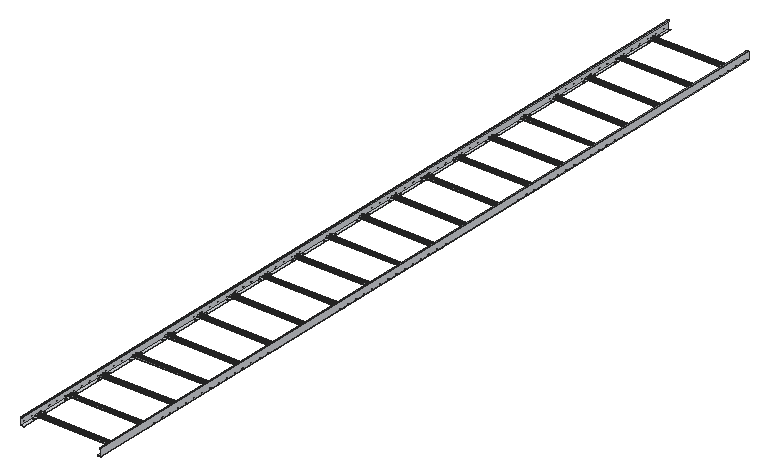
Revit family "Kabelleiter,Sprosse gelocht, geschweißt-LCIS 660 6 FS,FT,A2,A4", category Generic Models, Revit 2017 (continued)
Dimensions and locks
  locked: plane 563 to cut or joined group 1 (Extrusion 1, Extrusion 2, Extrusion 3, Extrusion 4, Extrusion 5, Extrusion 6, Extrusion 7, Extrusion 8, Extrusion 9, Extrusion 10, Extrusion 11, Extrusion 12, Extrusion 13, Extrusion 14, Extrusion 15, Extrusion 16, Extrusion 17, Extrusion 18, Extrusion 19, Extrusion 20, Extrusion 21, Extrusion 22, Extrusion 23, Extrusion 24, Extrusion 25, Extrusion 26, Extrusion 27, Extrusion 28, Extrusion 29, Extrusion 30, Extrusion 31, Extrusion 32, Extrusion 33, Extrusion 34, Extrusion 35, Extrusion 36, Extrusion 37, Extrusion 38, Extrusion 39, Extrusion 40, Extrusion 41, Extrusion 42, Extrusion 43, Extrusion 44, Extrusion 45, Extrusion 46, Extrusion 47, Extrusion 48, Extrusion 49, Extrusion 50, Extrusion 51, Extrusion 52, Extrusion 53, Extrusion 54, Extrusion 55, Extrusion 56, Extrusion 57, Extrusion 58, Extrusion 59, Extrusion 60, Extrusion 61, Extrusion 62, Extrusion 63, Extrusion 64, Extrusion 65, Extrusion 66, Extrusion 67, Extrusion 68, Extrusion 69, Extrusion 70, Extrusion 71, Extrusion 72, Extrusion 73, Extrusion 74, Extrusion 75, Extrusion 76, Extrusion 77, Extrusion 78, Extrusion 79, Extrusion 80, Extrusion 81, Extrusion 82, Extrusion 83, Extrusion 84, Extrusion 85, Extrusion 86, Extrusion 87, Extrusion 88, Extrusion 89, Extrusion 90, Extrusion 91, Extrusion 92, Extrusion 93, Extrusion 94, Extrusion 95, Extrusion 96, Extrusion 97, Extrusion 98, Extrusion 99, Extrusion 100, Extrusion 101, Extrusion 102, Extrusion 103, Extrusion 104, Extrusion 105, Extrusion 106, Extrusion 107, Extrusion 108, Extrusion 109, Extrusion 110, Extrusion 111, Extrusion 112, Extrusion 113, Extrusion 114, Extrusion 115, Extrusion 116, Extrusion 117, Extrusion 118, Extrusion 119, Extrusion 120, Extrusion 121, Extrusion 122, Extrusion 123, Extrusion 124, Extrusion 125, Extrusion 126, Extrusion 127, Extrusion 128, Extrusion 129, Extrusion 130, Extrusion 131, Extrusion 132, Extrusion 133, Extrusion 134, Extrusion 135, Extrusion 136, Extrusion 137, Extrusion 138, Extrusion 139, Extrusion 140, Extrusion 141, Extrusion 142, Extrusion 143, Extrusion 144, Extrusion 145, Extrusion 146, Extrusion 147, Extrusion 148, Extrusion 149, Extrusion 150, Extrusion 151, Extrusion 152, Extrusion 153, Extrusion 154, Extrusion 155, Extrusion 156, Extrusion 157, Extrusion 158, Extrusion 159, Extrusion 160, Extrusion 161, Extrusion 207, Extrusion 208, Extrusion 209, Extrusion 210, Extrusion 211, Extrusion 212, Extrusion 213, Extrusion 214, Extrusion 215, Extrusion 216, Extrusion 217, Extrusion 218, Extrusion 219, Extrusion 220, Extrusion 221, Extrusion 222, Extrusion 223, Extrusion 224, Extrusion 225, Extrusion 226, Extrusion 227, Extrusion 228, Extrusion 229, Extrusion 230, Extrusion 231, Extrusion 232, Extrusion 233, Extrusion 234, Extrusion 235, Extrusion 236, Extrusion 237, Extrusion 238, Extrusion 239, Extrusion 240, Extrusion 241, Extrusion 242, Extrusion 243, Extrusion 244, Extrusion 245, Extrusion 246, Extrusion 247, Extrusion 248, Extrusion 249, Extrusion 250, Extrusion 251, Extrusion 252, Extrusion 253, Extrusion 254, Extrusion 255, Extrusion 256, Extrusion 257, Extrusion 258, Extrusion 259, Extrusion 260, Extrusion 261, Extrusion 262, Extrusion 263, Extrusion 264, Extrusion 265, Extrusion 266, Extrusion 267, Extrusion 268, Extrusion 269, Extrusion 270, Extrusion 271, Extrusion 272, Extrusion 273, Extrusion 274, Extrusion 275, Extrusion 276, Extrusion 277, Extrusion 278, Extrusion 279, Extrusion 280, Extrusion 281, Extrusion 282, Extrusion 283, Extrusion 284, Extrusion 285, Extrusion 286) at 18
  equal spacing: group 225, group 226, group 227, group 228, group 229, group 230, group 231, group 232, group 233, group 234, group 235, group 236, group 237, group 238, group 239, group 240, group 241, group 242, group 243, group 244  (x3)
  plane 565 to cut or joined group 1 = 18 mm
  equal spacing: group 245, group 246, group 247, group 248, group 249, group 250, group 251, group 252, group 253, group 254, group 255, group 256, group 257, group 258, group 259, group 260, group 261, group 262, group 263, group 264  (x3)
  aligned and locked: level to plane 2
  aligned and locked: plane 1 "Center (Front/Back)" to Extrusion 1
  aligned and locked: Extrusion 1 to Extrusion 2  (x2)
  aligned and locked: cut or joined group 1 to cut or joined group 1
  aligned and locked: Extrusion 162 sketch curve to Extrusion 162 sketch curve  (x2)
  aligned and locked: Extrusion 164 sketch curve to Extrusion 164 sketch curve  (x2)
  aligned and locked: Extrusion 165 sketch curve to Extrusion 165 sketch curve  (x2)
  aligned and locked: Extrusion 169 sketch curve to Extrusion 169 sketch curve  (x2)
  aligned and locked: Extrusion 171 sketch curve to Extrusion 171 sketch curve  (x2)
  aligned and locked: Extrusion 173 sketch curve to Extrusion 173 sketch curve  (x2)
  aligned and locked: Extrusion 175 sketch curve to Extrusion 175 sketch curve  (x2)
  aligned and locked: Extrusion 177 sketch curve to Extrusion 177 sketch curve  (x2)
  aligned and locked: Extrusion 179 sketch curve to Extrusion 179 sketch curve  (x2)
  aligned and locked: Extrusion 181 sketch curve to Extrusion 181 sketch curve  (x2)
  aligned and locked: Extrusion 183 sketch curve to Extrusion 183 sketch curve  (x2)
  aligned and locked: Extrusion 185 sketch curve to Extrusion 185 sketch curve  (x2)
  aligned and locked: Extrusion 187 sketch curve to Extrusion 187 sketch curve  (x2)
  aligned and locked: Extrusion 189 sketch curve to Extrusion 189 sketch curve  (x2)
  aligned and locked: Extrusion 191 sketch curve to Extrusion 191 sketch curve  (x2)
  aligned and locked: Extrusion 193 sketch curve to Extrusion 193 sketch curve  (x2)
  aligned and locked: Extrusion 195 sketch curve to Extrusion 195 sketch curve  (x2)
  aligned and locked: Extrusion 197 sketch curve to Extrusion 197 sketch curve  (x2)
  aligned and locked: Extrusion 199 sketch curve to Extrusion 199 sketch curve  (x2)
  aligned and locked: Extrusion 201 sketch curve to Extrusion 201 sketch curve  (x2)
  aligned and locked: Extrusion 203 sketch curve to Extrusion 203 sketch curve  (x2)
  aligned and locked: Extrusion 205 sketch curve to Extrusion 205 sketch curve  (x2)
  aligned and locked: Extrusion 207 to level
  aligned and locked: Extrusion 1 to Extrusion 227
Automatic sketch dimensions
  Extrusion 2 sketch curve to Extrusion 2 sketch curve = 1 mm  (x4)
  Extrusion 3 sketch curve to Extrusion 3 sketch curve = 1 mm  (x4)
  Extrusion 4 sketch curve to Extrusion 4 sketch curve = 1 mm  (x4)
  Extrusion 5 sketch curve to Extrusion 5 sketch curve = 1 mm  (x4)
  Extrusion 6 sketch curve to Extrusion 6 sketch curve = 1 mm  (x4)
  Extrusion 7 sketch curve to Extrusion 7 sketch curve = 1 mm  (x4)
  Extrusion 8 sketch curve to Extrusion 8 sketch curve = 1 mm  (x4)
  Extrusion 9 sketch curve to Extrusion 9 sketch curve = 1 mm  (x4)
  Extrusion 10 sketch curve to Extrusion 10 sketch curve = 1 mm  (x4)
  Extrusion 11 sketch curve to Extrusion 11 sketch curve = 1 mm  (x4)
  Extrusion 12 sketch curve to Extrusion 12 sketch curve = 1 mm  (x4)
  Extrusion 13 sketch curve to Extrusion 13 sketch curve = 1 mm  (x4)
  Extrusion 14 sketch curve to Extrusion 14 sketch curve = 1 mm  (x4)
  Extrusion 15 sketch curve to Extrusion 15 sketch curve = 1 mm  (x4)
  Extrusion 16 sketch curve to Extrusion 16 sketch curve = 1 mm  (x4)
  Extrusion 17 sketch curve to Extrusion 17 sketch curve = 1 mm  (x4)
  Extrusion 18 sketch curve to Extrusion 18 sketch curve = 1 mm  (x4)
  Extrusion 19 sketch curve to Extrusion 19 sketch curve = 1 mm  (x4)
  Extrusion 20 sketch curve to Extrusion 20 sketch curve = 1 mm  (x4)
  Extrusion 21 sketch curve to Extrusion 21 sketch curve = 1 mm  (x4)
  Extrusion 22 sketch curve to Extrusion 22 sketch curve = 1 mm  (x4)
  Extrusion 23 sketch curve to Extrusion 23 sketch curve = 1 mm  (x4)
  Extrusion 24 sketch curve to Extrusion 24 sketch curve = 1 mm  (x4)
  Extrusion 25 sketch curve to Extrusion 25 sketch curve = 1 mm  (x4)
  Extrusion 26 sketch curve to Extrusion 26 sketch curve = 1 mm  (x4)
  Extrusion 27 sketch curve to Extrusion 27 sketch curve = 1 mm  (x4)
  Extrusion 28 sketch curve to Extrusion 28 sketch curve = 1 mm  (x4)
  Extrusion 29 sketch curve to Extrusion 29 sketch curve = 1 mm  (x4)
  Extrusion 30 sketch curve to Extrusion 30 sketch curve = 1 mm  (x4)
  Extrusion 31 sketch curve to Extrusion 31 sketch curve = 1 mm  (x4)
  Extrusion 32 sketch curve to Extrusion 32 sketch curve = 1 mm  (x4)
  Extrusion 33 sketch curve to Extrusion 33 sketch curve = 1 mm  (x4)
  Extrusion 34 sketch curve to Extrusion 34 sketch curve = 1 mm  (x4)
  Extrusion 35 sketch curve to Extrusion 35 sketch curve = 1 mm  (x4)
  Extrusion 36 sketch curve to Extrusion 36 sketch curve = 1 mm  (x4)
  Extrusion 37 sketch curve to Extrusion 37 sketch curve = 1 mm  (x4)
  Extrusion 38 sketch curve to Extrusion 38 sketch curve = 1 mm  (x4)
  Extrusion 39 sketch curve to Extrusion 39 sketch curve = 1 mm  (x4)
  Extrusion 40 sketch curve to Extrusion 40 sketch curve = 1 mm  (x4)
  Extrusion 41 sketch curve to Extrusion 41 sketch curve = 1 mm  (x4)
  Extrusion 42 sketch curve to Extrusion 42 sketch curve = 1 mm  (x4)
  Extrusion 43 sketch curve to Extrusion 43 sketch curve = 1 mm  (x4)
  Extrusion 44 sketch curve to Extrusion 44 sketch curve = 1 mm  (x4)
  Extrusion 45 sketch curve to Extrusion 45 sketch curve = 1 mm  (x4)
  Extrusion 46 sketch curve to Extrusion 46 sketch curve = 1 mm  (x4)
  Extrusion 47 sketch curve to Extrusion 47 sketch curve = 1 mm  (x4)
  Extrusion 48 sketch curve to Extrusion 48 sketch curve = 1 mm  (x4)
  Extrusion 49 sketch curve to Extrusion 49 sketch curve = 1 mm  (x4)
  Extrusion 50 sketch curve to Extrusion 50 sketch curve = 1 mm  (x4)
  Extrusion 51 sketch curve to Extrusion 51 sketch curve = 1 mm  (x4)
  Extrusion 52 sketch curve to Extrusion 52 sketch curve = 1 mm  (x4)
  Extrusion 53 sketch curve to Extrusion 53 sketch curve = 1 mm  (x4)
  Extrusion 54 sketch curve to Extrusion 54 sketch curve = 1 mm  (x4)
  Extrusion 55 sketch curve to Extrusion 55 sketch curve = 1 mm  (x4)
  Extrusion 56 sketch curve to Extrusion 56 sketch curve = 1 mm  (x4)
  Extrusion 57 sketch curve to Extrusion 57 sketch curve = 1 mm  (x4)
  Extrusion 58 sketch curve to Extrusion 58 sketch curve = 1 mm  (x4)
  Extrusion 59 sketch curve to Extrusion 59 sketch curve = 1 mm  (x4)
  Extrusion 60 sketch curve to Extrusion 60 sketch curve = 1 mm  (x4)
  Extrusion 61 sketch curve to Extrusion 61 sketch curve = 1 mm  (x4)
  Extrusion 62 sketch curve to Extrusion 62 sketch curve = 1 mm  (x4)
  Extrusion 63 sketch curve to Extrusion 63 sketch curve = 1 mm  (x4)
  Extrusion 64 sketch curve to Extrusion 64 sketch curve = 1 mm  (x4)
  Extrusion 65 sketch curve to Extrusion 65 sketch curve = 1 mm  (x4)
  Extrusion 66 sketch curve to Extrusion 66 sketch curve = 1 mm  (x4)
  Extrusion 67 sketch curve to Extrusion 67 sketch curve = 1 mm  (x4)
  Extrusion 68 sketch curve to Extrusion 68 sketch curve = 1 mm  (x4)
  Extrusion 69 sketch curve to Extrusion 69 sketch curve = 1 mm  (x4)
  Extrusion 70 sketch curve to Extrusion 70 sketch curve = 1 mm  (x4)
  Extrusion 71 sketch curve to Extrusion 71 sketch curve = 1 mm  (x4)
  Extrusion 72 sketch curve to Extrusion 72 sketch curve = 1 mm  (x4)
  Extrusion 73 sketch curve to Extrusion 73 sketch curve = 1 mm  (x4)
  Extrusion 74 sketch curve to Extrusion 74 sketch curve = 1 mm  (x4)
  Extrusion 75 sketch curve to Extrusion 75 sketch curve = 1 mm  (x4)
  Extrusion 76 sketch curve to Extrusion 76 sketch curve = 1 mm  (x4)
  Extrusion 77 sketch curve to Extrusion 77 sketch curve = 1 mm  (x4)
  Extrusion 78 sketch curve to Extrusion 78 sketch curve = 1 mm  (x4)
  Extrusion 79 sketch curve to Extrusion 79 sketch curve = 1 mm  (x4)
  Extrusion 80 sketch curve to Extrusion 80 sketch curve = 1 mm  (x4)
  Extrusion 81 sketch curve to Extrusion 81 sketch curve = 1 mm  (x4)
  Extrusion 82 sketch curve to Extrusion 82 sketch curve = 1 mm  (x4)
  Extrusion 2 sketch curve to plane 9 = 3.5 mm
  Extrusion 2 sketch curve to plane 7 = 14 mm
  Extrusion 83 sketch curve to Extrusion 83 sketch curve = 1 mm  (x4)
  Extrusion 84 sketch curve to Extrusion 84 sketch curve = 1 mm  (x4)
  Extrusion 85 sketch curve to Extrusion 85 sketch curve = 1 mm  (x4)
  Extrusion 86 sketch curve to Extrusion 86 sketch curve = 1 mm  (x4)
  Extrusion 87 sketch curve to Extrusion 87 sketch curve = 1 mm  (x4)
  Extrusion 88 sketch curve to Extrusion 88 sketch curve = 1 mm  (x4)
  Extrusion 89 sketch curve to Extrusion 89 sketch curve = 1 mm  (x4)
  Extrusion 90 sketch curve to Extrusion 90 sketch curve = 1 mm  (x4)
  Extrusion 91 sketch curve to Extrusion 91 sketch curve = 1 mm  (x4)
  Extrusion 92 sketch curve to Extrusion 92 sketch curve = 1 mm  (x4)
  Extrusion 93 sketch curve to Extrusion 93 sketch curve = 1 mm  (x4)
  Extrusion 94 sketch curve to Extrusion 94 sketch curve = 1 mm  (x4)
  Extrusion 95 sketch curve to Extrusion 95 sketch curve = 1 mm  (x4)
  Extrusion 96 sketch curve to Extrusion 96 sketch curve = 1 mm  (x4)
  Extrusion 97 sketch curve to Extrusion 97 sketch curve = 1 mm  (x4)
  Extrusion 98 sketch curve to Extrusion 98 sketch curve = 1 mm  (x4)
  Extrusion 99 sketch curve to Extrusion 99 sketch curve = 1 mm  (x4)
  Extrusion 100 sketch curve to Extrusion 100 sketch curve = 1 mm  (x4)
  Extrusion 101 sketch curve to Extrusion 101 sketch curve = 1 mm  (x4)
  Extrusion 102 sketch curve to Extrusion 102 sketch curve = 1 mm  (x4)
  Extrusion 103 sketch curve to Extrusion 103 sketch curve = 1 mm  (x4)
  Extrusion 104 sketch curve to Extrusion 104 sketch curve = 1 mm  (x4)
  Extrusion 105 sketch curve to Extrusion 105 sketch curve = 1 mm  (x4)
  Extrusion 106 sketch curve to Extrusion 106 sketch curve = 1 mm  (x4)
  Extrusion 107 sketch curve to Extrusion 107 sketch curve = 1 mm  (x4)
  Extrusion 108 sketch curve to Extrusion 108 sketch curve = 1 mm  (x4)
  Extrusion 109 sketch curve to Extrusion 109 sketch curve = 1 mm  (x4)
  Extrusion 110 sketch curve to Extrusion 110 sketch curve = 1 mm  (x4)
  Extrusion 111 sketch curve to Extrusion 111 sketch curve = 1 mm  (x4)
  Extrusion 112 sketch curve to Extrusion 112 sketch curve = 1 mm  (x4)
  Extrusion 113 sketch curve to Extrusion 113 sketch curve = 1 mm  (x4)
  Extrusion 114 sketch curve to Extrusion 114 sketch curve = 1 mm  (x4)
  Extrusion 115 sketch curve to Extrusion 115 sketch curve = 1 mm  (x4)
  Extrusion 116 sketch curve to Extrusion 116 sketch curve = 1 mm  (x4)
  Extrusion 117 sketch curve to Extrusion 117 sketch curve = 1 mm  (x4)
  Extrusion 118 sketch curve to Extrusion 118 sketch curve = 1 mm  (x4)
  Extrusion 119 sketch curve to Extrusion 119 sketch curve = 1 mm  (x4)
  Extrusion 120 sketch curve to Extrusion 120 sketch curve = 1 mm  (x4)
  Extrusion 121 sketch curve to Extrusion 121 sketch curve = 1 mm  (x4)
  Extrusion 122 sketch curve to Extrusion 122 sketch curve = 1 mm  (x4)
  Extrusion 123 sketch curve to Extrusion 123 sketch curve = 1 mm  (x4)
  Extrusion 124 sketch curve to Extrusion 124 sketch curve = 1 mm  (x4)
  Extrusion 125 sketch curve to Extrusion 125 sketch curve = 1 mm  (x4)
  Extrusion 126 sketch curve to Extrusion 126 sketch curve = 1 mm  (x4)
  Extrusion 127 sketch curve to Extrusion 127 sketch curve = 1 mm  (x4)
  Extrusion 128 sketch curve to Extrusion 128 sketch curve = 1 mm  (x4)
  Extrusion 129 sketch curve to Extrusion 129 sketch curve = 1 mm  (x4)
  Extrusion 130 sketch curve to Extrusion 130 sketch curve = 1 mm  (x4)
  Extrusion 131 sketch curve to Extrusion 131 sketch curve = 1 mm  (x4)
  Extrusion 132 sketch curve to Extrusion 132 sketch curve = 1 mm  (x4)
  Extrusion 133 sketch curve to Extrusion 133 sketch curve = 1 mm  (x4)
  Extrusion 134 sketch curve to Extrusion 134 sketch curve = 1 mm  (x4)
  Extrusion 135 sketch curve to Extrusion 135 sketch curve = 1 mm  (x4)
  Extrusion 136 sketch curve to Extrusion 136 sketch curve = 1 mm  (x4)
  Extrusion 137 sketch curve to Extrusion 137 sketch curve = 1 mm  (x4)
  Extrusion 138 sketch curve to Extrusion 138 sketch curve = 1 mm  (x4)
  Extrusion 139 sketch curve to Extrusion 139 sketch curve = 1 mm  (x4)
  Extrusion 140 sketch curve to Extrusion 140 sketch curve = 1 mm  (x4)
  Extrusion 141 sketch curve to Extrusion 141 sketch curve = 1 mm  (x4)
  Extrusion 142 sketch curve to Extrusion 142 sketch curve = 1 mm  (x4)
  Extrusion 143 sketch curve to Extrusion 143 sketch curve = 1 mm  (x4)
  Extrusion 144 sketch curve to Extrusion 144 sketch curve = 1 mm  (x4)
  Extrusion 145 sketch curve to Extrusion 145 sketch curve = 1 mm  (x4)
  Extrusion 146 sketch curve to Extrusion 146 sketch curve = 1 mm  (x4)
  Extrusion 147 sketch curve to Extrusion 147 sketch curve = 1 mm  (x4)
  Extrusion 148 sketch curve to Extrusion 148 sketch curve = 1 mm  (x4)
  Extrusion 149 sketch curve to Extrusion 149 sketch curve = 1 mm  (x4)
  Extrusion 150 sketch curve to Extrusion 150 sketch curve = 1 mm  (x4)
  Extrusion 151 sketch curve to Extrusion 151 sketch curve = 1 mm  (x4)
  Extrusion 152 sketch curve to Extrusion 152 sketch curve = 1 mm  (x4)
  Extrusion 153 sketch curve to Extrusion 153 sketch curve = 1 mm  (x4)
  Extrusion 154 sketch curve to Extrusion 154 sketch curve = 1 mm  (x4)
  Extrusion 155 sketch curve to Extrusion 155 sketch curve = 1 mm  (x4)
  Extrusion 156 sketch curve to Extrusion 156 sketch curve = 1 mm  (x4)
  Extrusion 157 sketch curve to Extrusion 157 sketch curve = 1 mm  (x4)
  Extrusion 158 sketch curve to Extrusion 158 sketch curve = 1 mm  (x4)
  Extrusion 159 sketch curve to Extrusion 159 sketch curve = 1 mm  (x4)
  Extrusion 160 sketch curve to Extrusion 160 sketch curve = 1 mm  (x4)
  Extrusion 161 sketch curve to Extrusion 161 sketch curve = 1 mm  (x4)
  Extrusion 162 sketch curve to Extrusion 162 sketch curve = 1.5 mm  (x5)
  Extrusion 162 sketch curve to Extrusion 162 sketch curve = 0.2 mm  (x7)
  Extrusion 162 sketch curve to Extrusion 162 sketch curve = 0 mm
  Extrusion 162 sketch curve to Extrusion 162 sketch curve = 6.015 mm
  Extrusion 162 sketch curve to Extrusion 162 sketch curve = 6.732 mm
  Extrusion 162 sketch curve to Extrusion 162 sketch curve = 6.57 mm
  Extrusion 163 sketch curve to plane 15 = 1.5 mm
  Extrusion 164 sketch curve to Extrusion 164 sketch curve = 1.5 mm  (x5)
  Extrusion 164 sketch curve to Extrusion 164 sketch curve = 0.2 mm  (x7)
  Extrusion 164 sketch curve to Extrusion 164 sketch curve = 0 mm
  Extrusion 164 sketch curve to Extrusion 164 sketch curve = 6.015 mm
  Extrusion 164 sketch curve to Extrusion 164 sketch curve = 6.732 mm
  Extrusion 164 sketch curve to Extrusion 164 sketch curve = 6.57 mm
  Extrusion 165 sketch curve to Extrusion 165 sketch curve = 1.5 mm  (x5)
  Extrusion 165 sketch curve to Extrusion 165 sketch curve = 0.2 mm  (x7)
  Extrusion 165 sketch curve to Extrusion 165 sketch curve = 0 mm
  Extrusion 165 sketch curve to Extrusion 165 sketch curve = 6.015 mm
  Extrusion 165 sketch curve to Extrusion 165 sketch curve = 6.732 mm
  Extrusion 165 sketch curve to Extrusion 165 sketch curve = 6.57 mm
  Extrusion 166 sketch curve to plane 16 = 1.5 mm
  Extrusion 167 sketch curve to plane 17 = 1.5 mm
  Extrusion 168 sketch curve to plane 38 = 0 mm
  Extrusion 168 sketch curve to Extrusion 168 sketch curve = 0.5 mm  (x96)
  Extrusion 168 sketch curve to Extrusion 168 sketch curve = 0.529 mm
  Extrusion 168 sketch curve to plane 20 = 3.467 mm
  Extrusion 168 sketch curve to plane 21 = 5.5 mm
  Extrusion 168 sketch curve to plane 22 = 3.5 mm
  Extrusion 168 sketch curve to plane 23 = 5.5 mm
  Extrusion 168 sketch curve to plane 24 = 5.5 mm
  Extrusion 168 sketch curve to plane 25 = 3.479 mm
  Extrusion 168 sketch curve to plane 26 = 5.5 mm
  Extrusion 168 sketch curve to plane 27 = 3.5 mm
  Extrusion 168 sketch curve to plane 28 = 5.5 mm
  Extrusion 168 sketch curve to plane 29 = 5.5 mm
  Extrusion 168 sketch curve to plane 30 = 3.5 mm
  Extrusion 168 sketch curve to plane 31 = 3.48 mm
  Extrusion 168 sketch curve to plane 32 = 5.5 mm
  plane 32 to Extrusion 168 sketch curve = 5 mm  (x2)
  Extrusion 168 sketch curve to plane 33 = 5.5 mm
  Extrusion 168 sketch curve to plane 34 = 3.5 mm
  Extrusion 168 sketch curve to plane 35 = 5.5 mm
  Extrusion 168 sketch curve to plane 36 = 3.5 mm
  Extrusion 168 sketch curve to plane 37 = 5.5 mm
  Extrusion 168 sketch curve to Extrusion 168 sketch curve = 0.53 mm
  Extrusion 168 sketch curve to plane 44 = 5.5 mm
  Extrusion 168 sketch curve to plane 43 = 3.5 mm
  Extrusion 168 sketch curve to plane 42 = 5.5 mm
  Extrusion 168 sketch curve to plane 41 = 3.5 mm
  Extrusion 168 sketch curve to Extrusion 168 sketch curve = 0.513 mm
  Extrusion 168 sketch curve to plane 40 = 5.5 mm
  Extrusion 168 sketch curve to plane 18 = 7.96 mm  (x24)
  Extrusion 168 sketch curve to plane 18 = 1.5 mm
  plane 18 to Extrusion 168 sketch curve = 1.5 mm
  plane 18 to Extrusion 168 sketch curve = 7.5 mm  (x24)
  plane 19 to Extrusion 168 sketch curve = 4.5 mm
  Extrusion 168 sketch curve to Extrusion 168 sketch curve = 11 mm
  Extrusion 169 sketch curve to Extrusion 169 sketch curve = 1.5 mm  (x5)
  Extrusion 169 sketch curve to Extrusion 169 sketch curve = 0.2 mm  (x7)
  Extrusion 169 sketch curve to Extrusion 169 sketch curve = 0 mm
  Extrusion 169 sketch curve to Extrusion 169 sketch curve = 6.015 mm
  Extrusion 169 sketch curve to Extrusion 169 sketch curve = 6.732 mm
  Extrusion 169 sketch curve to Extrusion 169 sketch curve = 6.57 mm
  Extrusion 170 sketch curve to plane 65 = 0 mm
  Extrusion 170 sketch curve to Extrusion 170 sketch curve = 0.5 mm  (x96)
  Extrusion 170 sketch curve to Extrusion 170 sketch curve = 0.529 mm
  Extrusion 170 sketch curve to plane 47 = 3.467 mm
  Extrusion 170 sketch curve to plane 48 = 5.5 mm
  Extrusion 170 sketch curve to plane 49 = 3.5 mm
  Extrusion 170 sketch curve to plane 50 = 5.5 mm
  Extrusion 170 sketch curve to plane 51 = 5.5 mm
  Extrusion 170 sketch curve to plane 52 = 3.479 mm
  Extrusion 170 sketch curve to plane 53 = 5.5 mm
  Extrusion 170 sketch curve to plane 54 = 3.5 mm
  Extrusion 170 sketch curve to plane 55 = 5.5 mm
  Extrusion 170 sketch curve to plane 56 = 5.5 mm
  Extrusion 170 sketch curve to plane 57 = 3.5 mm
  Extrusion 170 sketch curve to plane 58 = 3.48 mm
  Extrusion 170 sketch curve to plane 59 = 5.5 mm
  plane 59 to Extrusion 170 sketch curve = 5 mm  (x2)
  Extrusion 170 sketch curve to plane 60 = 5.5 mm
  Extrusion 170 sketch curve to plane 61 = 3.5 mm
  Extrusion 170 sketch curve to plane 62 = 5.5 mm
  Extrusion 170 sketch curve to plane 63 = 3.5 mm
  Extrusion 170 sketch curve to plane 64 = 5.5 mm
  Extrusion 170 sketch curve to Extrusion 170 sketch curve = 0.53 mm
  Extrusion 170 sketch curve to plane 71 = 5.5 mm
  Extrusion 170 sketch curve to plane 70 = 3.5 mm
  Extrusion 170 sketch curve to plane 69 = 5.5 mm
  Extrusion 170 sketch curve to plane 68 = 3.5 mm
  Extrusion 170 sketch curve to Extrusion 170 sketch curve = 0.513 mm
  Extrusion 170 sketch curve to plane 67 = 5.5 mm
  Extrusion 170 sketch curve to plane 45 = 7.96 mm  (x24)
  Extrusion 170 sketch curve to plane 45 = 1.5 mm
  plane 45 to Extrusion 170 sketch curve = 1.5 mm
  plane 45 to Extrusion 170 sketch curve = 7.5 mm  (x24)
  plane 46 to Extrusion 170 sketch curve = 4.5 mm
  Extrusion 170 sketch curve to Extrusion 170 sketch curve = 11 mm
  Extrusion 171 sketch curve to Extrusion 171 sketch curve = 1.5 mm  (x5)
  Extrusion 171 sketch curve to Extrusion 171 sketch curve = 0.2 mm  (x7)
  Extrusion 171 sketch curve to Extrusion 171 sketch curve = 0 mm
  Extrusion 171 sketch curve to Extrusion 171 sketch curve = 6.015 mm
  Extrusion 171 sketch curve to Extrusion 171 sketch curve = 6.732 mm
  Extrusion 171 sketch curve to Extrusion 171 sketch curve = 6.57 mm
  Extrusion 172 sketch curve to plane 92 = 0 mm
  Extrusion 172 sketch curve to Extrusion 172 sketch curve = 0.5 mm  (x96)
  Extrusion 172 sketch curve to Extrusion 172 sketch curve = 0.529 mm
  Extrusion 172 sketch curve to plane 74 = 3.467 mm
  Extrusion 172 sketch curve to plane 75 = 5.5 mm
  Extrusion 172 sketch curve to plane 76 = 3.5 mm
  Extrusion 172 sketch curve to plane 77 = 5.5 mm
  Extrusion 172 sketch curve to plane 78 = 5.5 mm
  Extrusion 172 sketch curve to plane 79 = 3.479 mm
  Extrusion 172 sketch curve to plane 80 = 5.5 mm
  Extrusion 172 sketch curve to plane 81 = 3.5 mm
  Extrusion 172 sketch curve to plane 82 = 5.5 mm
  Extrusion 172 sketch curve to plane 83 = 5.5 mm
  Extrusion 172 sketch curve to plane 84 = 3.5 mm
  Extrusion 172 sketch curve to plane 85 = 3.48 mm
  Extrusion 172 sketch curve to plane 86 = 5.5 mm
  plane 86 to Extrusion 172 sketch curve = 5 mm  (x2)
  Extrusion 172 sketch curve to plane 87 = 5.5 mm
  Extrusion 172 sketch curve to plane 88 = 3.5 mm
  Extrusion 172 sketch curve to plane 89 = 5.5 mm
  Extrusion 172 sketch curve to plane 90 = 3.5 mm
  Extrusion 172 sketch curve to plane 91 = 5.5 mm
  Extrusion 172 sketch curve to Extrusion 172 sketch curve = 0.53 mm
  Extrusion 172 sketch curve to plane 98 = 5.5 mm
  Extrusion 172 sketch curve to plane 97 = 3.5 mm
  Extrusion 172 sketch curve to plane 96 = 5.5 mm
  Extrusion 172 sketch curve to plane 95 = 3.5 mm
  Extrusion 172 sketch curve to Extrusion 172 sketch curve = 0.513 mm
  Extrusion 172 sketch curve to plane 94 = 5.5 mm
  Extrusion 172 sketch curve to plane 72 = 7.96 mm  (x24)
  Extrusion 172 sketch curve to plane 72 = 1.5 mm
  plane 72 to Extrusion 172 sketch curve = 1.5 mm
  plane 72 to Extrusion 172 sketch curve = 7.5 mm  (x24)
  plane 73 to Extrusion 172 sketch curve = 4.5 mm
  Extrusion 172 sketch curve to Extrusion 172 sketch curve = 11 mm
  Extrusion 173 sketch curve to Extrusion 173 sketch curve = 1.5 mm  (x5)
  Extrusion 173 sketch curve to Extrusion 173 sketch curve = 0.2 mm  (x7)
  Extrusion 173 sketch curve to Extrusion 173 sketch curve = 0 mm
  Extrusion 173 sketch curve to Extrusion 173 sketch curve = 6.015 mm
  Extrusion 173 sketch curve to Extrusion 173 sketch curve = 6.732 mm
  Extrusion 173 sketch curve to Extrusion 173 sketch curve = 6.57 mm
  Extrusion 174 sketch curve to plane 119 = 0 mm
  Extrusion 174 sketch curve to Extrusion 174 sketch curve = 0.5 mm  (x96)
  Extrusion 174 sketch curve to Extrusion 174 sketch curve = 0.529 mm
  Extrusion 174 sketch curve to plane 101 = 3.467 mm
  Extrusion 174 sketch curve to plane 102 = 5.5 mm
  Extrusion 174 sketch curve to plane 103 = 3.5 mm
  Extrusion 174 sketch curve to plane 104 = 5.5 mm
  Extrusion 174 sketch curve to plane 105 = 5.5 mm
  Extrusion 174 sketch curve to plane 106 = 3.479 mm
  Extrusion 174 sketch curve to plane 107 = 5.5 mm
  Extrusion 174 sketch curve to plane 108 = 3.5 mm
  Extrusion 174 sketch curve to plane 109 = 5.5 mm
  Extrusion 174 sketch curve to plane 110 = 5.5 mm
  Extrusion 174 sketch curve to plane 111 = 3.5 mm
  Extrusion 174 sketch curve to plane 112 = 3.48 mm
  Extrusion 174 sketch curve to plane 113 = 5.5 mm
  plane 113 to Extrusion 174 sketch curve = 5 mm  (x2)
  Extrusion 174 sketch curve to plane 114 = 5.5 mm
  Extrusion 174 sketch curve to plane 115 = 3.5 mm
  Extrusion 174 sketch curve to plane 116 = 5.5 mm
  Extrusion 174 sketch curve to plane 117 = 3.5 mm
  Extrusion 174 sketch curve to plane 118 = 5.5 mm
  Extrusion 174 sketch curve to Extrusion 174 sketch curve = 0.53 mm
  Extrusion 174 sketch curve to plane 125 = 5.5 mm
  Extrusion 174 sketch curve to plane 124 = 3.5 mm
  Extrusion 174 sketch curve to plane 123 = 5.5 mm
  Extrusion 174 sketch curve to plane 122 = 3.5 mm
  Extrusion 174 sketch curve to Extrusion 174 sketch curve = 0.513 mm
  Extrusion 174 sketch curve to plane 121 = 5.5 mm
  Extrusion 174 sketch curve to plane 99 = 7.96 mm  (x24)
  Extrusion 174 sketch curve to plane 99 = 1.5 mm
  plane 99 to Extrusion 174 sketch curve = 1.5 mm
  plane 99 to Extrusion 174 sketch curve = 7.5 mm  (x24)
  plane 100 to Extrusion 174 sketch curve = 4.5 mm
  Extrusion 174 sketch curve to Extrusion 174 sketch curve = 11 mm
  Extrusion 175 sketch curve to Extrusion 175 sketch curve = 1.5 mm  (x5)
  Extrusion 175 sketch curve to Extrusion 175 sketch curve = 0.2 mm  (x7)
  Extrusion 175 sketch curve to Extrusion 175 sketch curve = 0 mm
  Extrusion 175 sketch curve to Extrusion 175 sketch curve = 6.015 mm
  Extrusion 175 sketch curve to Extrusion 175 sketch curve = 6.732 mm
  Extrusion 175 sketch curve to Extrusion 175 sketch curve = 6.57 mm
  Extrusion 176 sketch curve to plane 146 = 0 mm
  Extrusion 176 sketch curve to Extrusion 176 sketch curve = 0.5 mm  (x96)
  Extrusion 176 sketch curve to Extrusion 176 sketch curve = 0.529 mm
  Extrusion 176 sketch curve to plane 128 = 3.467 mm
  Extrusion 176 sketch curve to plane 129 = 5.5 mm
  Extrusion 176 sketch curve to plane 130 = 3.5 mm
  Extrusion 176 sketch curve to plane 131 = 5.5 mm
  Extrusion 176 sketch curve to plane 132 = 5.5 mm
  Extrusion 176 sketch curve to plane 133 = 3.479 mm
  Extrusion 176 sketch curve to plane 134 = 5.5 mm
  Extrusion 176 sketch curve to plane 135 = 3.5 mm
  Extrusion 176 sketch curve to plane 136 = 5.5 mm
  Extrusion 176 sketch curve to plane 137 = 5.5 mm
  Extrusion 176 sketch curve to plane 138 = 3.5 mm
  Extrusion 176 sketch curve to plane 139 = 3.48 mm
  Extrusion 176 sketch curve to plane 140 = 5.5 mm
  plane 140 to Extrusion 176 sketch curve = 5 mm  (x2)
  Extrusion 176 sketch curve to plane 141 = 5.5 mm
  Extrusion 176 sketch curve to plane 142 = 3.5 mm
  Extrusion 176 sketch curve to plane 143 = 5.5 mm
  Extrusion 176 sketch curve to plane 144 = 3.5 mm
  Extrusion 176 sketch curve to plane 145 = 5.5 mm
  Extrusion 176 sketch curve to Extrusion 176 sketch curve = 0.53 mm
  Extrusion 176 sketch curve to plane 152 = 5.5 mm
  Extrusion 176 sketch curve to plane 151 = 3.5 mm
  Extrusion 176 sketch curve to plane 150 = 5.5 mm
  Extrusion 176 sketch curve to plane 149 = 3.5 mm
  Extrusion 176 sketch curve to Extrusion 176 sketch curve = 0.513 mm
  Extrusion 176 sketch curve to plane 148 = 5.5 mm
  Extrusion 176 sketch curve to plane 126 = 7.96 mm  (x24)
  Extrusion 176 sketch curve to plane 126 = 1.5 mm
  plane 126 to Extrusion 176 sketch curve = 1.5 mm
  plane 126 to Extrusion 176 sketch curve = 7.5 mm  (x24)
  plane 127 to Extrusion 176 sketch curve = 4.5 mm
  Extrusion 176 sketch curve to Extrusion 176 sketch curve = 11 mm
  Extrusion 177 sketch curve to Extrusion 177 sketch curve = 1.5 mm  (x5)
  Extrusion 177 sketch curve to Extrusion 177 sketch curve = 0.2 mm  (x7)
  Extrusion 177 sketch curve to Extrusion 177 sketch curve = 0 mm
  Extrusion 177 sketch curve to Extrusion 177 sketch curve = 6.015 mm
  Extrusion 177 sketch curve to Extrusion 177 sketch curve = 6.732 mm
  Extrusion 177 sketch curve to Extrusion 177 sketch curve = 6.57 mm
  Extrusion 178 sketch curve to plane 173 = 0 mm
  Extrusion 178 sketch curve to Extrusion 178 sketch curve = 0.5 mm  (x96)
  Extrusion 178 sketch curve to Extrusion 178 sketch curve = 0.529 mm
  Extrusion 178 sketch curve to plane 155 = 3.467 mm
  Extrusion 178 sketch curve to plane 156 = 5.5 mm
  Extrusion 178 sketch curve to plane 157 = 3.5 mm
  Extrusion 178 sketch curve to plane 158 = 5.5 mm
  Extrusion 178 sketch curve to plane 159 = 5.5 mm
  Extrusion 178 sketch curve to plane 160 = 3.479 mm
  Extrusion 178 sketch curve to plane 161 = 5.5 mm
  Extrusion 178 sketch curve to plane 162 = 3.5 mm
  Extrusion 178 sketch curve to plane 163 = 5.5 mm
  Extrusion 178 sketch curve to plane 164 = 5.5 mm
  Extrusion 178 sketch curve to plane 165 = 3.5 mm
  Extrusion 178 sketch curve to plane 166 = 3.48 mm
  Extrusion 178 sketch curve to plane 167 = 5.5 mm
  plane 167 to Extrusion 178 sketch curve = 5 mm  (x2)
  Extrusion 178 sketch curve to plane 168 = 5.5 mm
  Extrusion 178 sketch curve to plane 169 = 3.5 mm
  Extrusion 178 sketch curve to plane 170 = 5.5 mm
  Extrusion 178 sketch curve to plane 171 = 3.5 mm
  Extrusion 178 sketch curve to plane 172 = 5.5 mm
  Extrusion 178 sketch curve to Extrusion 178 sketch curve = 0.53 mm
  Extrusion 178 sketch curve to plane 179 = 5.5 mm
  Extrusion 178 sketch curve to plane 178 = 3.5 mm
  Extrusion 178 sketch curve to plane 177 = 5.5 mm
  Extrusion 178 sketch curve to plane 176 = 3.5 mm
  Extrusion 178 sketch curve to Extrusion 178 sketch curve = 0.513 mm
  Extrusion 178 sketch curve to plane 175 = 5.5 mm
  Extrusion 178 sketch curve to plane 153 = 7.96 mm  (x24)
  Extrusion 178 sketch curve to plane 153 = 1.5 mm
  plane 153 to Extrusion 178 sketch curve = 1.5 mm
  plane 153 to Extrusion 178 sketch curve = 7.5 mm  (x24)
  plane 154 to Extrusion 178 sketch curve = 4.5 mm
  Extrusion 178 sketch curve to Extrusion 178 sketch curve = 11 mm
  Extrusion 179 sketch curve to Extrusion 179 sketch curve = 1.5 mm  (x5)
  Extrusion 179 sketch curve to Extrusion 179 sketch curve = 0.2 mm  (x7)
  Extrusion 179 sketch curve to Extrusion 179 sketch curve = 0 mm
  Extrusion 179 sketch curve to Extrusion 179 sketch curve = 6.015 mm
  Extrusion 179 sketch curve to Extrusion 179 sketch curve = 6.732 mm
  Extrusion 179 sketch curve to Extrusion 179 sketch curve = 6.57 mm
  Extrusion 180 sketch curve to plane 200 = 0 mm
  Extrusion 180 sketch curve to Extrusion 180 sketch curve = 0.5 mm  (x96)
  Extrusion 180 sketch curve to Extrusion 180 sketch curve = 0.529 mm
  Extrusion 180 sketch curve to plane 182 = 3.467 mm
  Extrusion 180 sketch curve to plane 183 = 5.5 mm
  Extrusion 180 sketch curve to plane 184 = 3.5 mm
  Extrusion 180 sketch curve to plane 185 = 5.5 mm
  Extrusion 180 sketch curve to plane 186 = 5.5 mm
  Extrusion 180 sketch curve to plane 187 = 3.479 mm
  Extrusion 180 sketch curve to plane 188 = 5.5 mm
  Extrusion 180 sketch curve to plane 189 = 3.5 mm
  Extrusion 180 sketch curve to plane 190 = 5.5 mm
  Extrusion 180 sketch curve to plane 191 = 5.5 mm
  Extrusion 180 sketch curve to plane 192 = 3.5 mm
  Extrusion 180 sketch curve to plane 193 = 3.48 mm
  Extrusion 180 sketch curve to plane 194 = 5.5 mm
  plane 194 to Extrusion 180 sketch curve = 5 mm  (x2)
  Extrusion 180 sketch curve to plane 195 = 5.5 mm
  Extrusion 180 sketch curve to plane 196 = 3.5 mm
  Extrusion 180 sketch curve to plane 197 = 5.5 mm
  Extrusion 180 sketch curve to plane 198 = 3.5 mm
  Extrusion 180 sketch curve to plane 199 = 5.5 mm
  Extrusion 180 sketch curve to Extrusion 180 sketch curve = 0.53 mm
  Extrusion 180 sketch curve to plane 206 = 5.5 mm
  Extrusion 180 sketch curve to plane 205 = 3.5 mm
  Extrusion 180 sketch curve to plane 204 = 5.5 mm
  Extrusion 180 sketch curve to plane 203 = 3.5 mm
  Extrusion 180 sketch curve to Extrusion 180 sketch curve = 0.513 mm
  Extrusion 180 sketch curve to plane 202 = 5.5 mm
  Extrusion 180 sketch curve to plane 180 = 7.96 mm  (x24)
  Extrusion 180 sketch curve to plane 180 = 1.5 mm
  plane 180 to Extrusion 180 sketch curve = 1.5 mm
  plane 180 to Extrusion 180 sketch curve = 7.5 mm  (x24)
  plane 181 to Extrusion 180 sketch curve = 4.5 mm
  Extrusion 180 sketch curve to Extrusion 180 sketch curve = 11 mm
  Extrusion 181 sketch curve to Extrusion 181 sketch curve = 1.5 mm  (x5)
  Extrusion 181 sketch curve to Extrusion 181 sketch curve = 0.2 mm  (x7)
  Extrusion 181 sketch curve to Extrusion 181 sketch curve = 0 mm
  Extrusion 181 sketch curve to Extrusion 181 sketch curve = 6.015 mm
  Extrusion 181 sketch curve to Extrusion 181 sketch curve = 6.732 mm
  Extrusion 181 sketch curve to Extrusion 181 sketch curve = 6.57 mm
  Extrusion 182 sketch curve to plane 227 = 0 mm
  Extrusion 182 sketch curve to Extrusion 182 sketch curve = 0.5 mm  (x96)
  Extrusion 182 sketch curve to Extrusion 182 sketch curve = 0.529 mm
  Extrusion 182 sketch curve to plane 209 = 3.467 mm
  Extrusion 182 sketch curve to plane 210 = 5.5 mm
  Extrusion 182 sketch curve to plane 211 = 3.5 mm
  Extrusion 182 sketch curve to plane 212 = 5.5 mm
  Extrusion 182 sketch curve to plane 213 = 5.5 mm
  Extrusion 182 sketch curve to plane 214 = 3.479 mm
  Extrusion 182 sketch curve to plane 215 = 5.5 mm
  Extrusion 182 sketch curve to plane 216 = 3.5 mm
  Extrusion 182 sketch curve to plane 217 = 5.5 mm
  Extrusion 182 sketch curve to plane 218 = 5.5 mm
  Extrusion 182 sketch curve to plane 219 = 3.5 mm
  Extrusion 182 sketch curve to plane 220 = 3.48 mm
  Extrusion 182 sketch curve to plane 221 = 5.5 mm
  plane 221 to Extrusion 182 sketch curve = 5 mm  (x2)
  Extrusion 182 sketch curve to plane 222 = 5.5 mm
  Extrusion 182 sketch curve to plane 223 = 3.5 mm
  Extrusion 182 sketch curve to plane 224 = 5.5 mm
  Extrusion 182 sketch curve to plane 225 = 3.5 mm
  Extrusion 182 sketch curve to plane 226 = 5.5 mm
  Extrusion 182 sketch curve to Extrusion 182 sketch curve = 0.53 mm
  Extrusion 182 sketch curve to plane 233 = 5.5 mm
  Extrusion 182 sketch curve to plane 232 = 3.5 mm
  Extrusion 182 sketch curve to plane 231 = 5.5 mm
  Extrusion 182 sketch curve to plane 230 = 3.5 mm
  Extrusion 182 sketch curve to Extrusion 182 sketch curve = 0.513 mm
  Extrusion 182 sketch curve to plane 229 = 5.5 mm
  Extrusion 182 sketch curve to plane 207 = 7.96 mm  (x24)
  Extrusion 182 sketch curve to plane 207 = 1.5 mm
  plane 207 to Extrusion 182 sketch curve = 1.5 mm
  plane 207 to Extrusion 182 sketch curve = 7.5 mm  (x24)
  plane 208 to Extrusion 182 sketch curve = 4.5 mm
  Extrusion 182 sketch curve to Extrusion 182 sketch curve = 11 mm
  Extrusion 183 sketch curve to Extrusion 183 sketch curve = 1.5 mm  (x5)
  Extrusion 183 sketch curve to Extrusion 183 sketch curve = 0.2 mm  (x7)
  Extrusion 183 sketch curve to Extrusion 183 sketch curve = 0 mm
  Extrusion 183 sketch curve to Extrusion 183 sketch curve = 6.015 mm
  Extrusion 183 sketch curve to Extrusion 183 sketch curve = 6.732 mm
  Extrusion 183 sketch curve to Extrusion 183 sketch curve = 6.57 mm
  Extrusion 184 sketch curve to plane 254 = 0 mm
  Extrusion 184 sketch curve to Extrusion 184 sketch curve = 0.5 mm  (x96)
  Extrusion 184 sketch curve to Extrusion 184 sketch curve = 0.529 mm
  Extrusion 184 sketch curve to plane 236 = 3.467 mm
  Extrusion 184 sketch curve to plane 237 = 5.5 mm
  Extrusion 184 sketch curve to plane 238 = 3.5 mm
  Extrusion 184 sketch curve to plane 239 = 5.5 mm
  Extrusion 184 sketch curve to plane 240 = 5.5 mm
  Extrusion 184 sketch curve to plane 241 = 3.479 mm
  Extrusion 184 sketch curve to plane 242 = 5.5 mm
  Extrusion 184 sketch curve to plane 243 = 3.5 mm
  Extrusion 184 sketch curve to plane 244 = 5.5 mm
  Extrusion 184 sketch curve to plane 245 = 5.5 mm
  Extrusion 184 sketch curve to plane 246 = 3.5 mm
  Extrusion 184 sketch curve to plane 247 = 3.48 mm
  Extrusion 184 sketch curve to plane 248 = 5.5 mm
  plane 248 to Extrusion 184 sketch curve = 5 mm  (x2)
  Extrusion 184 sketch curve to plane 249 = 5.5 mm
  Extrusion 184 sketch curve to plane 250 = 3.5 mm
  Extrusion 184 sketch curve to plane 251 = 5.5 mm
  Extrusion 184 sketch curve to plane 252 = 3.5 mm
  Extrusion 184 sketch curve to plane 253 = 5.5 mm
  Extrusion 184 sketch curve to Extrusion 184 sketch curve = 0.53 mm
  Extrusion 184 sketch curve to plane 260 = 5.5 mm
  Extrusion 184 sketch curve to plane 259 = 3.5 mm
  Extrusion 184 sketch curve to plane 258 = 5.5 mm
  Extrusion 184 sketch curve to plane 257 = 3.5 mm
  Extrusion 184 sketch curve to Extrusion 184 sketch curve = 0.513 mm
  Extrusion 184 sketch curve to plane 256 = 5.5 mm
  Extrusion 184 sketch curve to plane 234 = 7.96 mm  (x24)
  Extrusion 184 sketch curve to plane 234 = 1.5 mm
  plane 234 to Extrusion 184 sketch curve = 1.5 mm
  plane 234 to Extrusion 184 sketch curve = 7.5 mm  (x24)
  plane 235 to Extrusion 184 sketch curve = 4.5 mm
  Extrusion 184 sketch curve to Extrusion 184 sketch curve = 11 mm
  Extrusion 185 sketch curve to Extrusion 185 sketch curve = 1.5 mm  (x5)
  Extrusion 185 sketch curve to Extrusion 185 sketch curve = 0.2 mm  (x7)
  Extrusion 185 sketch curve to Extrusion 185 sketch curve = 0 mm
  Extrusion 185 sketch curve to Extrusion 185 sketch curve = 6.015 mm
  Extrusion 185 sketch curve to Extrusion 185 sketch curve = 6.732 mm
  Extrusion 185 sketch curve to Extrusion 185 sketch curve = 6.57 mm
  Extrusion 186 sketch curve to plane 281 = 0 mm
  Extrusion 186 sketch curve to Extrusion 186 sketch curve = 0.5 mm  (x96)
  Extrusion 186 sketch curve to Extrusion 186 sketch curve = 0.529 mm
  Extrusion 186 sketch curve to plane 263 = 3.467 mm
  Extrusion 186 sketch curve to plane 264 = 5.5 mm
  Extrusion 186 sketch curve to plane 265 = 3.5 mm
  Extrusion 186 sketch curve to plane 266 = 5.5 mm
  Extrusion 186 sketch curve to plane 267 = 5.5 mm
  Extrusion 186 sketch curve to plane 268 = 3.479 mm
  Extrusion 186 sketch curve to plane 269 = 5.5 mm
  Extrusion 186 sketch curve to plane 270 = 3.5 mm
  Extrusion 186 sketch curve to plane 271 = 5.5 mm
  Extrusion 186 sketch curve to plane 272 = 5.5 mm
  Extrusion 186 sketch curve to plane 273 = 3.5 mm
  Extrusion 186 sketch curve to plane 274 = 3.48 mm
  Extrusion 186 sketch curve to plane 275 = 5.5 mm
  plane 275 to Extrusion 186 sketch curve = 5 mm  (x2)
  Extrusion 186 sketch curve to plane 276 = 5.5 mm
  Extrusion 186 sketch curve to plane 277 = 3.5 mm
  Extrusion 186 sketch curve to plane 278 = 5.5 mm
  Extrusion 186 sketch curve to plane 279 = 3.5 mm
  Extrusion 186 sketch curve to plane 280 = 5.5 mm
  Extrusion 186 sketch curve to Extrusion 186 sketch curve = 0.53 mm
  Extrusion 186 sketch curve to plane 287 = 5.5 mm
  Extrusion 186 sketch curve to plane 286 = 3.5 mm
  Extrusion 186 sketch curve to plane 285 = 5.5 mm
  Extrusion 186 sketch curve to plane 284 = 3.5 mm
  Extrusion 186 sketch curve to Extrusion 186 sketch curve = 0.513 mm
  Extrusion 186 sketch curve to plane 283 = 5.5 mm
  Extrusion 186 sketch curve to plane 261 = 7.96 mm  (x24)
  Extrusion 186 sketch curve to plane 261 = 1.5 mm
  plane 261 to Extrusion 186 sketch curve = 1.5 mm
  plane 261 to Extrusion 186 sketch curve = 7.5 mm  (x24)
  plane 262 to Extrusion 186 sketch curve = 4.5 mm
  Extrusion 186 sketch curve to Extrusion 186 sketch curve = 11 mm
  Extrusion 187 sketch curve to Extrusion 187 sketch curve = 1.5 mm  (x5)
  Extrusion 187 sketch curve to Extrusion 187 sketch curve = 0.2 mm  (x7)
  Extrusion 187 sketch curve to Extrusion 187 sketch curve = 0 mm
  Extrusion 187 sketch curve to Extrusion 187 sketch curve = 6.015 mm
  Extrusion 187 sketch curve to Extrusion 187 sketch curve = 6.732 mm
  Extrusion 187 sketch curve to Extrusion 187 sketch curve = 6.57 mm
  Extrusion 188 sketch curve to plane 308 = 0 mm
  Extrusion 188 sketch curve to Extrusion 188 sketch curve = 0.5 mm  (x96)
  Extrusion 188 sketch curve to Extrusion 188 sketch curve = 0.529 mm
  Extrusion 188 sketch curve to plane 290 = 3.467 mm
  Extrusion 188 sketch curve to plane 291 = 5.5 mm
  Extrusion 188 sketch curve to plane 292 = 3.5 mm
  Extrusion 188 sketch curve to plane 293 = 5.5 mm
  Extrusion 188 sketch curve to plane 294 = 5.5 mm
  Extrusion 188 sketch curve to plane 295 = 3.479 mm
  Extrusion 188 sketch curve to plane 296 = 5.5 mm
  Extrusion 188 sketch curve to plane 297 = 3.5 mm
  Extrusion 188 sketch curve to plane 298 = 5.5 mm
  Extrusion 188 sketch curve to plane 299 = 5.5 mm
  Extrusion 188 sketch curve to plane 300 = 3.5 mm
  Extrusion 188 sketch curve to plane 301 = 3.48 mm
  Extrusion 188 sketch curve to plane 302 = 5.5 mm
  plane 302 to Extrusion 188 sketch curve = 5 mm  (x2)
  Extrusion 188 sketch curve to plane 303 = 5.5 mm
  Extrusion 188 sketch curve to plane 304 = 3.5 mm
  Extrusion 188 sketch curve to plane 305 = 5.5 mm
  Extrusion 188 sketch curve to plane 306 = 3.5 mm
  Extrusion 188 sketch curve to plane 307 = 5.5 mm
  Extrusion 188 sketch curve to Extrusion 188 sketch curve = 0.53 mm
  Extrusion 188 sketch curve to plane 314 = 5.5 mm
  Extrusion 188 sketch curve to plane 313 = 3.5 mm
  Extrusion 188 sketch curve to plane 312 = 5.5 mm
  Extrusion 188 sketch curve to plane 311 = 3.5 mm
  Extrusion 188 sketch curve to Extrusion 188 sketch curve = 0.513 mm
  Extrusion 188 sketch curve to plane 310 = 5.5 mm
  Extrusion 188 sketch curve to plane 288 = 7.96 mm  (x24)
  Extrusion 188 sketch curve to plane 288 = 1.5 mm
  plane 288 to Extrusion 188 sketch curve = 1.5 mm
  plane 288 to Extrusion 188 sketch curve = 7.5 mm  (x24)
  plane 289 to Extrusion 188 sketch curve = 4.5 mm
  Extrusion 188 sketch curve to Extrusion 188 sketch curve = 11 mm
  Extrusion 189 sketch curve to Extrusion 189 sketch curve = 1.5 mm  (x5)
  Extrusion 189 sketch curve to Extrusion 189 sketch curve = 0.2 mm  (x7)
  Extrusion 189 sketch curve to Extrusion 189 sketch curve = 0 mm
  Extrusion 189 sketch curve to Extrusion 189 sketch curve = 6.015 mm
  Extrusion 189 sketch curve to Extrusion 189 sketch curve = 6.732 mm
  Extrusion 189 sketch curve to Extrusion 189 sketch curve = 6.57 mm
  Extrusion 190 sketch curve to plane 335 = 0 mm
  Extrusion 190 sketch curve to Extrusion 190 sketch curve = 0.5 mm  (x96)
  Extrusion 190 sketch curve to Extrusion 190 sketch curve = 0.529 mm
  Extrusion 190 sketch curve to plane 317 = 3.467 mm
  Extrusion 190 sketch curve to plane 318 = 5.5 mm
  Extrusion 190 sketch curve to plane 319 = 3.5 mm
  Extrusion 190 sketch curve to plane 320 = 5.5 mm
